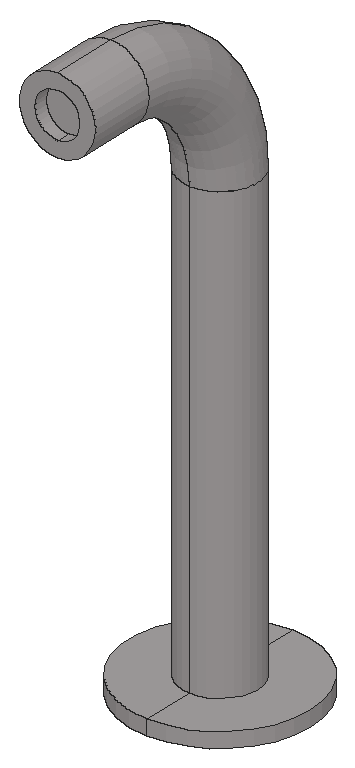
Revit family "Reece_Tap_Milli_Pure_Basin Outlet_Wall Mount_200 mm", category Plumbing Fixtures, host Face, Revit 2018
Family settings
  Host = Face
  Round Connector Dimension = Use Diameter
  Part Type = Normal
  Cut with Voids When Loaded = No
  Shared = Yes
  Room Calculation Point = Yes
Parameters (values of type "Brushed Gunmetal")
  URL = "https://www.reece.com.au/product/-2281306"
  Type Comments = "Tap"
  Reece_Product_Web Page = "https://www.reece.com.au/product/-2281306"
  Reece_Product_Type = "Tap"  # constant formula
  Reece_Product_Sub Brand = "Pure"  # constant formula
  Reece_Product_Number = "2281306"
  Reece_Product_Mount = "Wall Mounted"
  WFU = 0  # constant formula
  Reece_Tap_Reach = 200 mm  # constant formula
  Reece_Tap_Inlet = 15 mm  # constant formula
  Reece_Stand_Baseplate_Radius = 30 mm  # constant formula
  Reece_Product_Description = "Milli Pure Wall Basin Outlet 200mm Brushed Gunmetal (3 Star)"
  Reece_Product_Brand = "Milli"  # constant formula
  Reece_Overall_Length = 212.5 mm  # constant formula
  Reece_Material_Main = Reece_Brass_Brushed Gunmetal
  Reece_Detail_Shape = ""
  Reece_Detail_Installation = ""
  Reece_Detail_Disclaimer = "THIS FILE IS THE PROPERTY OF THE REECE GROUP. IT MAY NOT BE REPRODUCED, REVERSE-ENGINEERED OR MODIFIED. ANY REPUBLICATION, TRANSMISSION OR DISTRIBUTION FOR THE PURPOSE OF COMMERCIALLY EXPLOITING THE FILES IS PROHIBITED."  # constant formula
  Reece_Detail_Connector = ""
  Reece_Detail_Additional = ""
  Reece_Baseplate_Void Cut Radius = 20 mm  # constant formula
  Model = "Pure"
  Manufacturer = "Milli"
  Keynote = "Product #2281306, Reece_Tap_Milli_Pure_Basin Outlet_Wall Mount_200 mm - Brushed Gunmetal"
  HWFU = 0  # constant formula
  Disclaimer = "THIS FILE IS THE PROPERTY OF THE REECE GROUP. IT MAY NOT BE REPRODUCED, REVERSE-ENGINEERED OR MODIFIED. ANY REPUBLICATION, TRANSMISSION OR DISTRIBUTION FOR THE PURPOSE OF COMMERCIALLY EXPLOITING THE FILES IS PROHIBITED."  # constant formula
  Description = "Milli Pure Wall Basin Outlet 200mm Brushed Gunmetal (3 Star)"
  Default Elevation = 1000 mm
  CWFU = 0  # constant formula
Types (5, lengths in mm): name | URL | Reece_Product_Web Page | Reece_Product_Number | Reece_Product_Description | Reece_Material_Main | Keynote | Description
  Chrome | "https://www.reece.com.au/product/-2263285" | "https://www.reece.com.au/product/-2263285" | "2263285" | "Milli Pure Wall Basin Outlet 200mm Chrome (3 Star)" | Reece_Brass_Chrome | "Product #2263285, Reece_Tap_Milli_Pure_Basin Outlet_Wall Mount_200 mm - Chrome" | "Milli Pure Wall Basin Outlet 200mm Chrome (3 Star)"
  Matte Black | "https://www.reece.com.au/product/-2281228" | "https://www.reece.com.au/product/-2281228" | "2281228" | "Milli Pure Wall Basin Outlet 200mm Matte Black (3 Star)" | Reece_Brass_Matte Black | "Product #2281228, Reece_Tap_Milli_Pure_Basin Outlet_Wall Mount_200 mm - Matte Black" | "Milli Pure Wall Basin Outlet 200mm Matte Black (3 Star)"
  Brushed Gunmetal | "https://www.reece.com.au/product/-2281306" | "https://www.reece.com.au/product/-2281306" | "2281306" | "Milli Pure Wall Basin Outlet 200mm Brushed Gunmetal (3 Star)" | Reece_Brass_Brushed Gunmetal | "Product #2281306, Reece_Tap_Milli_Pure_Basin Outlet_Wall Mount_200 mm - Brushed Gunmetal" | "Milli Pure Wall Basin Outlet 200mm Brushed Gunmetal (3 Star)"
  PVD Brushed Bronze | "https://www.reece.com.au/product/-9511091" | "https://www.reece.com.au/product/-9511091" | "9511091" | "Milli Pure Wall Basin Outlet 200mm PVD Brushed Bronze (3 Star)" | Reece_PVD_Brushed Bronze | "Product #9511091, Reece_Tap_Milli_Pure_Basin Outlet_Wall Mount_200 mm - PVD Brushed Bronze" | "Milli Pure Wall Basin Outlet 200mm PVD Brushed Bronze (3 Star)"
  PVD Brushed Gold | "https://www.reece.com.au/product/-9510906" | "https://www.reece.com.au/product/-9510906" | "9510906" | "Milli Pure Wall Basin Outlet 200mm PVD Brushed Gold (3 Star)" | Reece_PVD_Brushed Gold | "Product #9510906, Reece_Tap_Milli_Pure_Basin Outlet_Wall Mount_200 mm - PVD Brushed Gold" | "Milli Pure Wall Basin Outlet 200mm PVD Brushed Gold (3 Star)"
Reference planes
  plane 1 "Center (Front/Back)": y = 0
  plane 2: z = 0
  plane 3 "Center (Left/Right)": x = 0
  plane 4: z = 200
  plane 5: y = -67
  plane 6: z = 212.5
Forms (mm)
  Revolve 1, solid, material "Reece_Brass_Brushed Gunmetal" <- "Reece_Material_Main"
    sketch origin (0, 0, 23) x (0, 1, 0) y (0, 0, 1)
      loop
        line (10, -17.988) -> (10, -19.988) -> (27.956, -19.988) -> (27.956, -23) -> (30, -23) -> (30, -17.988) -> (10, -17.988)
      axis (0, -17.988) -> (0, -23)
    angle from 0 to 360
  Sweep 2, solid, material "Reece_Brass_Brushed Gunmetal" <- "Reece_Material_Main"
    path origin (0, 0, 0) x (0, 1, 0) y (0, 0, 1)
      loop
        line (0, 5.012) -> (0, 155)
        arc (0, 155) -> (-13.18, 186.82) -> (-45, 200) r 45
        line (-45, 200) -> (-67, 200)
    profile origin (0, 0, 80.006) x (0, -1, 0) y (1, 0, 0)
      loop
        circle (0, 0) r 12.5
      loop
        circle (0, 0) r 7.5
  Extrusion 3, solid, material "Reece_Brass_Brushed Gunmetal" <- "Reece_Material_Main"
    sketch origin (0, -68.351, 160) x (1, 0, 0) y (0, 0, 1)
      loop
        circle (0, 40) r 7.5
    from -10 to -5.89
  Revolve 4, void
    sketch origin (0, 0, 39.453) x (0, 1, 0) y (0, 0, 1)
      loop
        line (-20, -39.453) -> (-20, -79.453) -> (0, -79.453) -> (0, -39.453) -> (-20, -39.453)
      axis (0, -39.453) -> (0, -79.453)
    angle from 0 to 360
Cuts and joins
  Revolve 4 cuts Revolve 1
  Revolve 4 cuts Sweep 2
  joined: Revolve 1, Sweep 2, Extrusion 3
Text (mm)
  text "Reece Copyright © 2018, Reece Ltd." at (-1164.308, -468.56, 0), in view "Ref. Level"
  text "Reece ©" at (-7.653, 198.338, 183.77), in view "Reece Preview"
Dimensions and locks
  "Reece_Stand_Baseplate_Radius": Revolve 1 sketch curve to Revolve 1 sketch curve
  "Reece_Tap_Reach": plane 4 to host face
  "Reece_Baseplate_Void Cut Radius": Revolve 4 sketch curve to Revolve 4 sketch curve
  plane 5 to plane 1 "Center (Front/Back)" = 67 mm
  "Reece_Overall_Length": plane 6 to plane 2
  aligned and locked: host face to plane 2
  aligned and locked: level to host face
  aligned and locked: Revolve 4 sketch curve to Revolve 4 sketch curve
Automatic sketch dimensions
  host sketch curve to host sketch curve = 481.758 mm
  host sketch curve to host sketch curve = 479.681 mm
  Sweep 2 sketch curve to plane 3 "Center (Left/Right)" = 0 mm
  Sweep 2 sketch curve to profile plane = 0 mm
  Sweep 2 sketch curve to Sweep 2 sketch curve = 0 mm  (x2)
  Sweep 2 sketch curve to plane 4 = 0 mm
  Sweep 2 sketch curve to plane 5 = 0 mm
  Sweep 2 sketch curve to plane 1 "Center (Front/Back)" = 0 mm
  plane 5 to Sweep 2 sketch curve = 22 mm
  level to Sweep 2 sketch curve = 5.012 mm
  Extrusion 3 sketch curve to Extrusion 3 sketch curve = 0 mm  (x2)
  Extrusion 3 sketch curve to plane 3 "Center (Left/Right)" = 0 mm
  Extrusion 3 sketch curve to plane 4 = 0 mm
  Extrusion 3 sketch curve to plane 4 = 7.5 mm
  Revolve 1 sketch curve to plane 1 "Center (Front/Back)" = 0 mm
  Revolve 1 sketch curve to level = 0 mm
  Revolve 1 sketch curve to plane 1 "Center (Front/Back)" = 10 mm
  Revolve 1 sketch curve to Revolve 1 sketch curve = 2.044 mm
  level to Revolve 1 sketch curve = 3.012 mm
  Revolve 1 sketch curve to Revolve 1 sketch curve = 2 mm
  Revolve 1 sketch curve to level = 317.81 mm
  plane 6 to Revolve 1 sketch curve = 484.332 mm
  Revolve 4 sketch curve to level = 0 mm
  Revolve 4 sketch curve to plane 1 "Center (Front/Back)" = 0 mm
  Revolve 4 sketch curve to level = 40 mm
  Revolve 4 sketch curve to Revolve 4 sketch curve = 261.356 mm
  plane 6 to Revolve 4 sketch curve = 1901.207 mm
  radius of Sweep 2 sketch curve = 12.5 mm
  radius of Sweep 2 sketch curve = 7.5 mm
Connectors
  piping at (0, 0, 0), diameter 15, driven by "Reece_Tap_Inlet"
    settings: on host face, index 1, connector inside diameter 609.6 mm, connector length 0 mm, flow factor 0, pipe flow 0.0 L/s, pressure drop 0.0 Pa, fitting loss kfactor 0, connector angle 0.00°, fixture units 0, engagement length 0 mm, angle of deflection 0.00°, flow configuration 0, flow direction 1, fitting loss method 0, system type 29, joint type 0, gender type 0, connector reference index -1, connector utility 0, adjustable connector no, is connector primary yes, connector description ""
